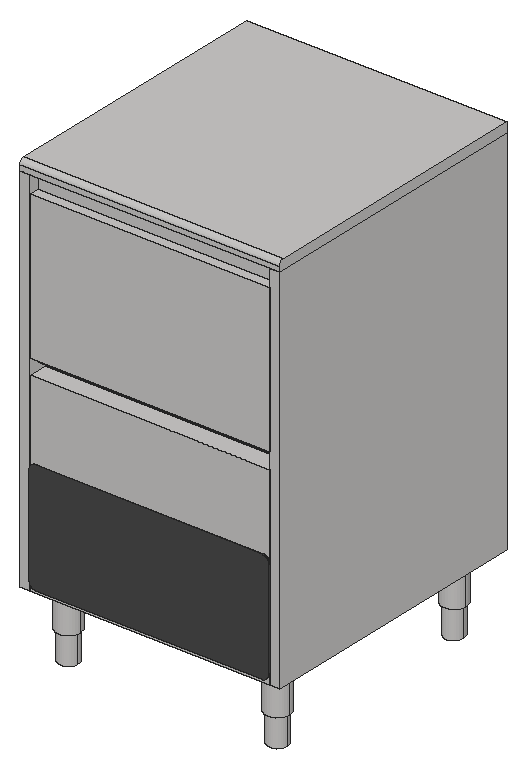
Revit family "QF_ELECTROLUXPROFESSIONAL_730322_ICB55I25SDP", category Attrezzature speciali, Revit 2018
Family settings
  Quota connettore circolare = Usa diametro
  Tipo di parte = Normale
  Basato su piano di lavoro = No
  Sempre verticale = Sì
  Taglio con vuoti quando caricato = No
  Condiviso = No
  Punto di calcolo locali = No
Parameters (values of type "Standard")
  Weight = 56.00 kg
  Watts = 0 W
  Volts = 220 V
  URL Manufacturer = "https://www.electroluxprofessional.com/"
  URL = "https://www.electroluxprofessional.com/"
  Steam Supply Size = 0 mm
  Steam Supply Minimum Pressure = 0.0 Pa
  Steam Supply Maximum Pressure = 0.0 Pa
  Steam Pounds per Hour = 0
  Show Logo [instance] = yes
  Show Clearance [instance] = yes
  Refrigeration Suction Line Size = 0 mm
  Refrigeration Liquid Line Size = 0 mm
  Refrigerant Compressor Remote = yes
  Produttore = "Electrolux Professional"
  Phase = 1
  Modello = "ICB55I25SDP"
  Length Actual = 535 mm  # constant formula
  Item Number = "730322"
  Hot Water Size = 0 mm
  Height Actual = 894 mm  # constant formula
  HP = "0 HP"
  Gas Size = 0 mm
  Gas KW = 0
  Gas Input Pressure = 0 W
  Descrizione = "AIR COOLED ICE CUBER 22GR 55KG/24H-BIN 25KG DRAIN PUMP"
  Depth Actual = 595 mm  # constant formula
  Cycle = 50 Hz
  Condensate Return Size = 0 mm
  Compressed Air Volume = 0.0 L/s
  Compressed Air Size = 0 mm
  Compressed Air Pressure = 0.0 Pa
  Cold Water Size = 19.05 mm
  Accessory = yes
Reference planes
  plane 1 "Center X": y = 272.851
  plane 2: z = 0
  plane 3 "Center Y": x = -501.5
  plane 4 "LEFT": x = -769
  plane 5 "RIGHT": x = -234
  plane 6 "FRONT": y = -19.649
  plane 7 "BACK": y = 565.351
  plane 8: z = 143
  plane 9: z = 932
  plane 10: z = 912
  plane 11: x = -749
  plane 12: x = -254
  plane 13: y = 20.351
Forms (mm)
  Extrusion 1, solid, material "QF_Finishes_Black"
    sketch origin (-217.296, -19.649, 371.513) x (-1, 0, 0) y (0, 0, -1)
      loop
        arc (516.704, -9.487) -> (527.311, -5.093) -> (531.704, 5.513) r 15
        line (531.704, 5.513) -> (531.704, 206.469)
        arc (531.704, 206.469) -> (527.311, 217.075) -> (516.704, 221.469) r 15
        line (516.704, 221.469) -> (51.704, 221.469)
        arc (51.704, 221.469) -> (41.097, 217.075) -> (36.704, 206.469) r 15
        line (36.704, 206.469) -> (36.704, 5.513)
        arc (36.704, 5.513) -> (41.097, -5.093) -> (51.704, -9.487) r 15
        line (51.704, -9.487) -> (516.704, -9.487)
    from 0 to 2
  Extrusion 2, solid, material "QF_Finishes_Stainless Steel"
    sketch origin (-501.5, 0, 0) x (0, 1, 0) y (0, 0, 1)
      loop
        line (565.351, 912) -> (565.351, 932) -> (-9.649, 932)
        arc (-9.649, 932) -> (-16.72, 929.071) -> (-19.649, 922) r 10
        line (-19.649, 922) -> (-19.649, 912) -> (565.351, 912)
    from -267.5 to 267.5
  Extrusion 3, solid, material "QF_Finishes_Stainless Steel"
    sketch origin (-354.7, 565.351, -329.545) x (1, 0, 0) y (0, 0, -1)
      loop
        circle (53.2, -643.545) r 10
    from 0 to 10
  Extrusion 4, solid, material "QF_Finishes_Stainless Steel"
    sketch origin (0, 0, 0) x (1, 0, 0) y (0, 1, 0)
      loop
        line (-769, 565.351) -> (-769, -19.649) -> (-749, -19.649) -> (-749, 565.351) -> (-769, 565.351)
    from 143 to 912
  Extrusion 5, solid, material "QF_Finishes_Stainless Steel"
    sketch origin (0, 0, 0) x (1, 0, 0) y (0, 1, 0)
      loop
        line (-254, 565.351) -> (-254, -19.649) -> (-234, -19.649) -> (-234, 565.351) -> (-254, 565.351)
    from 143 to 912
  Extrusion 6, solid, material "QF_Finishes_Stainless Steel"
    sketch origin (0, 0, 0) x (1, 0, 0) y (0, 1, 0)
      loop
        line (-749, 565.351) -> (-749, 20.351) -> (-254, 20.351) -> (-254, 565.351) -> (-749, 565.351)
    from 143 to 912
  Extrusion 7, solid, material "QF_Finishes_Stainless Steel"
    sketch origin (0, 0, 0) x (1, 0, 0) y (0, 1, 0)
      loop
        line (-749, -19.649) -> (-254, -19.649) -> (-254, 20.351) -> (-749, 20.351) -> (-749, -19.649)
    from 143 to 541.146
  Extrusion 8, solid, material "QF_Finishes_Stainless Steel"
    sketch origin (-501.5, 0, 0) x (0, 1, 0) y (0, 0, 1)
      loop
        line (20.351, 912) -> (0.351, 912) -> (0.351, 876) -> (-19.649, 876) -> (-19.649, 572.768) -> (0.351, 572.768) -> (0.351, 557) -> (20.351, 557) -> (20.351, 912)
    from -247.5 to 247.5
  Extrusion 9, solid, material "QF_Finishes_Stainless Steel"
    sketch origin (-337.2, 565.351, -440.545) x (1, 0, 0) y (0, 0, -1)
      loop
        circle (53.2, -643.545) r 10
    from 0 to 10
  Extrusion 10, solid, material "QF_Finishes_Stainless Steel"
    sketch origin (-397.7, 565.351, -361.545) x (1, 0, 0) y (0, 0, -1)
      loop
        circle (53.2, -643.545) r 10
    from 0 to 10
Lines and regions (mm)
  Split face 1
    outline origin (-501.5, 0.351, 912) x (0, 0, -1) y (1, 0, 0)
      loop
        line (5.715, 124.928) -> (30.715, 124.928) -> (30.715, 164.928) -> (5.715, 164.928) -> (5.715, 124.928)
  symbolic lines
    curve 1: line (-769, 565.351, 0) -> (-234, 565.351, 0)
    curve 2: line (-769, -19.649, 0) -> (-769, 565.351, 0)
    curve 3: line (-234, -19.649, 0) -> (-769, -19.649, 0)
    curve 4: line (-234, 565.351, 0) -> (-234, -19.649, 0)
Dimensions and locks
  equal spacing: plane 4 "LEFT", plane 3 "Center Y", plane 5 "RIGHT"
  plane 4 "LEFT" to plane 5 "RIGHT" = 535 mm
  equal spacing: plane 7 "BACK", plane 1 "Center X", plane 6 "FRONT"
  plane 7 "BACK" to plane 6 "FRONT" = 585 mm
  plane 8 to plane 2 = 143 mm
  plane 9 to plane 8 = 789 mm
  locked: plane 4 "LEFT" to plane 11 at 20
  locked: plane 12 to plane 5 "RIGHT" at 20
  locked: plane 9 to plane 10 at 20
  locked: plane 13 to plane 6 "FRONT" at 40
  aligned and locked: level to plane 2
  aligned and locked: plane 5 "RIGHT" to Extrusion 2
  aligned and locked: Extrusion 2 to plane 4 "LEFT"
  aligned and locked: Extrusion 4 sketch curve to Extrusion 2  (x2)
  aligned and locked: plane 6 "FRONT" to Extrusion 4 sketch curve
  aligned and locked: Extrusion 4 sketch curve to plane 11
  aligned and locked: Extrusion 5 sketch curve to plane 7 "BACK"
  aligned and locked: plane 12 to Extrusion 5 sketch curve
  aligned and locked: Extrusion 5 sketch curve to Extrusion 2  (x2)
  aligned and locked: plane 10 to Extrusion 4
  aligned and locked: plane 10 to Extrusion 5
  aligned and locked: Extrusion 4 to plane 8
  aligned and locked: Extrusion 5 to plane 8
  aligned and locked: Extrusion 6 sketch curve to Extrusion 4
  aligned and locked: Extrusion 4 to Extrusion 6 sketch curve
  aligned and locked: plane 13 to Extrusion 6 sketch curve
  aligned and locked: Extrusion 6 sketch curve to plane 12
  aligned and locked: plane 10 to Extrusion 6
  aligned and locked: Extrusion 6 to plane 8
  aligned and locked: Extrusion 4 to Extrusion 7 sketch curve
  aligned and locked: Extrusion 7 sketch curve to Extrusion 4
  aligned and locked: plane 13 to Extrusion 7 sketch curve
  aligned and locked: plane 12 to Extrusion 7 sketch curve
  aligned and locked: Extrusion 7 to plane 8
  aligned and locked: plane 12 to Extrusion 8
  aligned and locked: Extrusion 8 to plane 11
Automatic sketch dimensions
  curve 3 to plane 4 "LEFT" = 0 mm
  curve 3 to plane 5 "RIGHT" = 0 mm
  curve 3 to plane 6 "FRONT" = 0 mm
  curve 2 to plane 7 "BACK" = 0 mm
  Extrusion 1 sketch curve to plane 12 = 0 mm
  plane 8 to Extrusion 1 sketch curve = 7.044 mm
  Extrusion 1 sketch curve to Extrusion 1 sketch curve = 15 mm  (x3)
  plane 11 to Extrusion 1 sketch curve = 15 mm  (x2)
  Extrusion 1 sketch curve to Extrusion 1 sketch curve = 200.956 mm
  Extrusion 2 sketch curve to plane 6 "FRONT" = 0 mm
  Extrusion 2 sketch curve to plane 9 = 0 mm
  Extrusion 2 sketch curve to plane 7 "BACK" = 0 mm
  Extrusion 2 sketch curve to plane 10 = 0 mm
  plane 6 "FRONT" to Extrusion 2 sketch curve = 10 mm
  Extrusion 6 to Extrusion 3 sketch curve = 171 mm
  Extrusion 3 sketch curve to Extrusion 6 = 47.5 mm
  Extrusion 8 sketch curve to plane 6 "FRONT" = 0 mm
  Extrusion 8 sketch curve to plane 10 = 0 mm
  Extrusion 8 sketch curve to plane 13 = 0 mm
  plane 6 "FRONT" to Extrusion 8 sketch curve = 20 mm  (x2)
  Extrusion 8 sketch curve to plane 10 = 36 mm
  Extrusion 8 sketch curve to Extrusion 8 sketch curve = 303.232 mm
  Extrusion 8 sketch curve to Extrusion 8 sketch curve = 15.768 mm
  Split face 1 sketch curve to Extrusion 8 = 5.715 mm
  Extrusion 8 to Split face 1 sketch curve = 5.285 mm
  Split face 1 sketch curve to Extrusion 8 = 122.572 mm
  Split face 1 sketch curve to Split face 1 sketch curve = 40 mm
  Extrusion 9 sketch curve to Extrusion 6 = 30 mm
  Extrusion 6 to Extrusion 9 sketch curve = 60 mm
  Extrusion 10 sketch curve to Extrusion 6 = 90.5 mm
  Extrusion 6 to Extrusion 10 sketch curve = 139 mm
  radius of Extrusion 3 sketch curve = 10 mm
  radius of Extrusion 9 sketch curve = 10 mm
  radius of Extrusion 10 sketch curve = 10 mm
Nested families
  nested 1: "Foot_Complete" at (-717, 40.351, 0), type "Foot_Complete"
    with H 143 mm
  nested 2: "Foot_Complete" at (-286, 40.351, 0) x (-1, 0, 0) z (0, 0, 1), type "Foot_Complete"
    with H 143 mm
  nested 3: "Foot_Complete" at (-717, 494.351, 0), type "Foot_Complete"
    with H 143 mm
  nested 4: "Foot_Complete" at (-286, 494.351, 0) x (-1, 0, 0) z (0, 0, 1), type "Foot_Complete"
    with H 143 mm
Connectors
  electrical at (-284, 575.351, 203), driven by "Volts"
    settings: on Extrusion 9, index 1, voltage 220 V, apparent load 0 VA, apparent load phase1 0 VA, apparent load phase2 0 VA, apparent load phase3 0 VA, power factor 1, load classification "Altro", number of poles 1, system type 30, power factor state 1, is connector primary yes, connector utility no, sub classification motor no, connector description "Electrical Connection"
  piping at (-301.5, 575.351, 314), diameter 20
    settings: on Extrusion 3, index 2, connector inside diameter 609.6 mm, connector length 0 mm, flow factor 0, pipe flow 0.0 L/s, pressure drop 0.0 Pa, fitting loss kfactor 0, connector angle 0.00°, fixture units 0, engagement length 0 mm, angle of deflection 0.00°, flow configuration 0, flow direction 0, fitting loss method 0, system type 20, joint type 0, gender type 0, connector reference index -1, connector utility 0, adjustable connector no, is connector primary yes, connector description "Cold water"
  piping at (-344.5, 575.351, 282), diameter 20
    settings: on Extrusion 10, index 3, connector inside diameter 609.6 mm, connector length 0 mm, flow factor 0, pipe flow 0.0 L/s, pressure drop 0.0 Pa, fitting loss kfactor 0, connector angle 0.00°, fixture units 0, engagement length 0 mm, angle of deflection 0.00°, flow configuration 0, flow direction 0, fitting loss method 0, system type 16, joint type 0, gender type 0, connector reference index -1, connector utility 0, adjustable connector no, is connector primary no, connector description "Drain"
Definition of nested family "Foot_Complete"
  Parameters (values of type "Foot_Complete")
    R = 25 mm
    H = 153 mm
  Reference planes
    plane 1 "Centro (Fronte/Retro)": y = 0
    plane 2: z = 0
    plane 3 "Centro (Sinistra/Destra)": x = 0
    plane 4: z = 153
  Forms (mm)
    Revolve 1, solid
      sketch origin (255.05, 0, 608.09) x (0, 0, 1) y (-1, 0, 0)
        loop
          line (-608.09, 255.05) -> (-608.09, 235.05) -> (-548.09, 235.05) -> (-548.09, 230.05) -> (-455.09, 230.05) -> (-455.09, 255.05) -> (-608.09, 255.05)
        axis (-608.09, 255.05) -> (-455.09, 255.05)
      angle from 0 to 360
  Dimensions and locks
    level to Revolve 1 sketch curve = 60 mm
    "R": Revolve 1 sketch curve to plane 3 "Centro (Sinistra/Destra)"
    "H": plane 4 to level
    aligned and locked: level to plane 2
    aligned and locked: plane 4 to Revolve 1 sketch curve
    aligned and locked: Revolve 1 sketch curve to level
    aligned and locked: plane 3 "Centro (Sinistra/Destra)" to Revolve 1 sketch curve
  Automatic sketch dimensions
    Revolve 1 sketch curve to plane 3 "Centro (Sinistra/Destra)" = 0 mm
    plane 3 "Centro (Sinistra/Destra)" to Revolve 1 sketch curve = 20 mm
    Revolve 1 sketch curve to Revolve 1 sketch curve = 50 mm
    Revolve 1 sketch curve to Revolve 1 sketch curve = 20 mm
